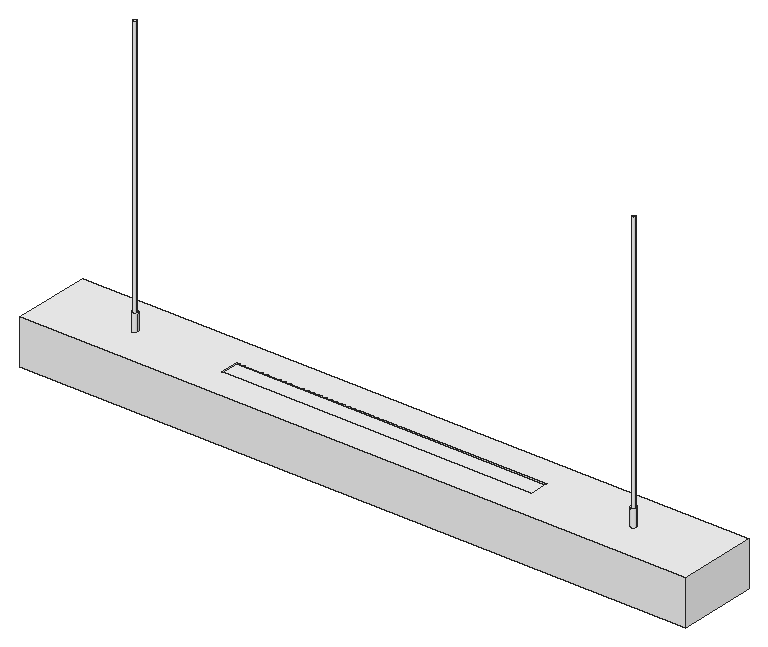
Revit family "Box Lean DI - Generic", category Lighting Fixtures, Revit 2014
Parameters (values of type "Box Lean DI 1200")
  Wattage = 38 W
  WarrantyGuarantorParts = "n/a"
  WarrantyDurationParts = "n/a"
  WarrantyDescription = "n/a"
  built-in parameter 1150110 = 1 (stored number, unit not read)
  Void Thickness = if(Void, -2 mm, 2 mm)  # -2 mm
  Void = yes
  Version = "v.1.0"
  Uniclass2 = "Pr_70_70_49_43 Light-Emitting Diode (LED) Luminaires"
  Uniclass 1.4 = "JY73"
  TotalWattage = "Max. 30W / 40W"
  built-in parameter 1114217 = 1 (stored number, unit not read)
  Tilt Angle = 90.00°
  built-in parameter 1150109 = 1 (stored number, unit not read)
  built-in parameter 1150134 = 12
  TagNumber = "n/a"
  SustainabilityPerformance = "n/a"
  Suspended Distance = 500 mm
  built-in parameter 1150113 = 1 (stored number, unit not read)
  SupplyCircuitConductorConnections = "n/a"
  Size = "142 x 1200 x 81 mm"
  Shape = "Rectangle"
  ProductInformation = "http://riegens.com/box-lean"
  PhotometricPerformance = "In accordance with BS EN 13032-1"
  Photometric Web File = "Box Lean 1200 DI 38W 4000K DP Satinmatt.ies"
  PhaseReference = "IEC recommendations"
  Optic = "Satin-matt double parabolic louvre (DP-SM)"
  NominalVoltage = "220-240V"
  ModelReference = "Box Lean DI 1200"
  Material = "Steel, lens optic in PMMA, double parabolic louvre in Miro finish"
  ManufacturersSpecificInformation = "n/a"
  ManufacturerURL = "www.riegens.com"
  Manufacturer = "Riegens A/S"
  built-in parameter 1150105 = 353.8 (stored number, unit not read)
  Lumens = 4446 lm
  LuminaireType = "Direct/Indirect LED Luminaire"
  LuminairePowerFactor = ">0,9"
  built-in parameter 1150115 = 1 (stored number, unit not read)
  LightSource = "LED 3000K / 4000K"
  LightFixturePlacingType = "Ceiling"
  LightFixtureMountingType = "Suspended"
  built-in parameter 1150137 = (empty or 0)
  built-in parameter 1150139 = (empty or 0)
  LampType = "LED"
  LampRating = "28W / 38W"
  LampColourRenderingIndex = "Ra>80"
  built-in parameter 1150112 = 1 (stored number, unit not read)
  built-in parameter 1150114 = 1 (stored number, unit not read)
  InternalFuse = "Only required in emergency versions"
  InsulationStandardClass = "Class 1"
  built-in parameter 1150132 = (empty or 0)
  built-in parameter 1150102 = (empty or 0)
  built-in parameter 1150107 = 4000 (stored number, unit not read)
  built-in parameter 1150138 = (empty or 0)
  built-in parameter 1150106 = 3.538 (stored number, unit not read)
  IfcExportType = "NOTDEFINED"
  IfcExportAs = "IfcLightFixtureType"
  IP_Code = "IP20"
  Height 1 = 81 mm
  HasProtectiveEarth = "TRUE"
  Grade = "n/a"
  Glass = Riegens_Glass_opal
  Frame Width = 1200 mm
  Frame Depth = 142 mm
  Frame = Riegens_Steel_Powder coated white RAL901025
  Fixing point Suspended = 900 mm
  Finish = "Powder coated"
  Features = "n/a"
  built-in parameter 1150104 = 10.87 (stored number, unit not read)
  Documentation = "See URL hyperlink"
  DocumentReference = "See URL hyperlink"
  Dimming Lamp Color Temperature Shift = <None>
  Description = "70-80-35 General Lighting Systems"
  ControlGearPosition = "Integrated "
  Constituents = "n/a"
  Colour = "White"
  Color Filter = 16777215
  CodePerformance = "n/a"
  Cassette Width = 0 mm
  Cassette Depth = 0 mm
  CCSTopnode = "L"
  CCSClassName = "Belysningsarmatur"
  CCSClassCode = "UAC"
  BarCode = "n/a"
  BallastsCELMAEnergyEfficiencyIndex = "Class A1/A2"
  built-in parameter 1114218 = 1 (stored number, unit not read)
  BSAB 96 = "SNB.2"
  BIMObjectName = "Box Lean DI 1200.rfa"
  Author = "3dbyggeri"
  built-in parameter 1150133 = 10 (stored number, unit not read)
  AssetType = "Moveable/Fixed"
  AssetIdentifier = "n/a"
  ArticleNumber = "See URL hyperlink"
  AccessibilityPerformance = "n/a"
Types (3, lengths in mm): name | Wattage | TotalWattage | Size | Photometric Web File | ModelReference | built-in parameter 1150105 | Lumens | LampRating | built-in parameter 1150106 | Frame Width | Fixing point Suspended | BIMObjectName
  (no name) | 38 W | "Max. 30W / 40W" | "142 x 1200 x 81 mm" | "Box Lean 1200 DI 38W 4000K DP Satinmatt.ies" | "Box Lean DI 1200" | 353.8 (stored number, unit not read) | 4446 lm | "28W / 38W" | 3.538 (stored number, unit not read) | 1200 | 900 | "Box Lean DI 1200.rfa"
  Box Lean DI 1500 | 44 W | "Max. 46W" | "142 x 1500 x 81 mm" | "Box Lean 1500 DI 44W 4000K DP Satinmatt.ies" | "Box Lean DI 1500" | 409.66 (stored number, unit not read) | 5148 lm | "44W" | 4.0966 (stored number, unit not read) | 1500 | 1200 | "Box Lean DI 1500.rfa"
  Box Lean DI 1200 | 38 W | "Max. 30W / 40W" | "142 x 1200 x 81 mm" | "Box Lean 1200 DI 38W 4000K DP Satinmatt.ies" | "Box Lean DI 1200" | 353.8 (stored number, unit not read) | 4446 lm | "28W / 38W" | 3.538 (stored number, unit not read) | 1200 | 900 | "Box Lean DI 1200.rfa"
Reference planes
  plane 1 "Center (Front/Back)": y = 0
  plane 2: z = 0
  plane 3 "Center (Left/Right)": x = 0
  plane 4: x = -600
  plane 5: x = 600
  plane 6: y = 71
  plane 7: y = -71
  plane 8: y = 41
  plane 9: y = -41
  plane 10: x = -578
  plane 11: x = 578
  plane 12: x = -280
  plane 13: x = 280
  plane 14: y = 17.5
  plane 15: y = -17.5
  plane 16: z = 81
  plane 17: z = 141
  plane 18: x = -450
  plane 19: x = 450
  plane 20: z = 110.9
  plane 21: z = 581
Forms (mm)
  Extrusion 1, solid, material "Riegens_Steel_Powder coated white RAL901025" <- "Frame"
    sketch origin (185, 184, 0) x (1, 0, 0) y (0, 1, 0)
      loop
        line (-785, -113) -> (-785, -255) -> (415, -255) -> (415, -113) -> (-785, -113)
    from 0 to 81
  Extrusion 2, void
    sketch origin (0, 0, 0) x (1, 0, 0) y (0, 1, 0)
      loop
        line (-578, 41) -> (-578, -41) -> (578, -41) -> (578, 41) -> (-578, 41)
    from 0.5 to 0
  Extrusion 3, solid, material "Riegens_Glass_opal" <- "Glass"
    sketch origin (0, 0, 0) x (1, 0, 0) y (0, 1, 0)
      loop
        line (-578, 41) -> (-578, -41) -> (578, -41) -> (578, 41) -> (-578, 41)
    from 0.5 to 0
  Extrusion 4, void
    sketch origin (185, 184, 81) x (1, 0, 0) y (0, 1, 0)
      loop
        line (95, -201.5) -> (95, -166.5) -> (-465, -166.5) -> (-465, -201.5) -> (95, -201.5)
    from -2 <- "Void Thickness" to 0
  Extrusion 5, solid, material "Riegens_Steel_Powder coated white RAL901025" <- "Frame"
    sketch origin (0, 0, 0) x (1, 0, 0) y (0, 1, 0)
      loop
        circle (-450, 0) r 5
      loop
        circle (450, 0) r 5
    from 110.9 to 81
  Extrusion 6, solid, material "Riegens_Steel_Powder coated white RAL901025" <- "Frame"
    sketch origin (0, 0, 0) x (1, 0, 0) y (0, 1, 0)
      loop
        circle (-450, 0) r 2.977
      loop
        circle (450, 0) r 3
    from 581 to 110.9
Cuts and joins
  Extrusion 2, Extrusion 4 cuts Extrusion 1
Lines and regions (mm)
  model lines
    curve 1: line (-578, 41, 0) -> (-578, -41, 0)
    curve 2: line (578, 41, 0) -> (578, -41, 0)
    curve 3: line (-544.971, 41, 0) -> (-544.971, -41, 0)
    curve 4: line (-511.943, 41, 0) -> (-511.943, -41, 0)
    curve 5: line (-478.914, 41, 0) -> (-478.914, -41, 0)
    curve 6: line (-445.886, 41, 0) -> (-445.886, -41, 0)
    curve 7: line (-412.857, 41, 0) -> (-412.857, -41, 0)
    curve 8: line (-379.829, 41, 0) -> (-379.829, -41, 0)
    curve 9: line (-346.8, 41, 0) -> (-346.8, -41, 0)
    curve 10: line (-313.771, 41, 0) -> (-313.771, -41, 0)
    curve 11: line (-280.743, 41, 0) -> (-280.743, -41, 0)
    curve 12: line (-247.714, 41, 0) -> (-247.714, -41, 0)
    curve 13: line (-214.686, 41, 0) -> (-214.686, -41, 0)
    curve 14: line (-181.657, 41, 0) -> (-181.657, -41, 0)
    curve 15: line (-148.629, 41, 0) -> (-148.629, -41, 0)
    curve 16: line (-115.6, 41, 0) -> (-115.6, -41, 0)
    curve 17: line (-82.571, 41, 0) -> (-82.571, -41, 0)
    curve 18: line (-49.543, 41, 0) -> (-49.543, -41, 0)
    curve 19: line (-16.514, 41, 0) -> (-16.514, -41, 0)
    curve 20: line (16.514, 41, 0) -> (16.514, -41, 0)
    curve 21: line (49.543, 41, 0) -> (49.543, -41, 0)
    curve 22: line (82.571, 41, 0) -> (82.571, -41, 0)
    curve 23: line (115.6, 41, 0) -> (115.6, -41, 0)
    curve 24: line (148.629, 41, 0) -> (148.629, -41, 0)
    curve 25: line (181.657, 41, 0) -> (181.657, -41, 0)
    curve 26: line (214.686, 41, 0) -> (214.686, -41, 0)
    curve 27: line (247.714, 41, 0) -> (247.714, -41, 0)
    curve 28: line (280.743, 41, 0) -> (280.743, -41, 0)
    curve 29: line (313.771, 41, 0) -> (313.771, -41, 0)
    curve 30: line (346.8, 41, 0) -> (346.8, -41, 0)
    curve 31: line (379.829, 41, 0) -> (379.829, -41, 0)
    curve 32: line (412.857, 41, 0) -> (412.857, -41, 0)
    curve 33: line (445.886, 41, 0) -> (445.886, -41, 0)
    curve 34: line (478.914, 41, 0) -> (478.914, -41, 0)
    curve 35: line (511.943, 41, 0) -> (511.943, -41, 0)
    curve 36: line (544.971, 41, 0) -> (544.971, -41, 0)
Dimensions and locks
  "Frame Width": plane 4 to plane 5
  "Frame Depth": plane 6 to plane 7
  locked: plane 12 to plane 13 at 560
  plane 14 to plane 15 = 35 mm
  equal spacing: plane 4, plane 3 "Center (Left/Right)", plane 5
  locked: plane 4 to plane 10 at 22
  locked: plane 11 to plane 5 at 22
  equal spacing: plane 12, plane 3 "Center (Left/Right)", plane 13
  equal spacing: plane 6, plane 1 "Center (Front/Back)", plane 7
  equal spacing: plane 14, plane 1 "Center (Front/Back)", plane 15
  locked: plane 6 to plane 8 at 30
  locked: plane 9 to plane 7 at 30
  "Height 1": plane 16 to plane 2
  plane 17 to plane 16 = 60 mm
  locked: plane 20 to plane 16 at 29.9
  "Suspended Distance": plane 21 to plane 16
  equal spacing: plane 18, plane 3 "Center (Left/Right)", plane 19
  "Fixing point Suspended": plane 18 to plane 19
  equal spacing: group 1, group 3, group 4, group 5, group 6, group 7, group 8, group 9, group 10, group 11, group 12, group 13, group 14, group 15, group 16, group 17, group 18, group 19, group 20, group 21, group 22, group 23, group 24, group 25, group 26, group 27, group 28, group 29, group 30, group 31, group 32, group 33, group 34, group 35, group 36, group 2  (x3)
  aligned and locked: Extrusion 1 to plane 4
  aligned and locked: Extrusion 1 to plane 5
  aligned and locked: plane 7 to Extrusion 1
  aligned and locked: plane 6 to Extrusion 1
  aligned and locked: Extrusion 3 to plane 8
  aligned and locked: Extrusion 3 to plane 9
  aligned and locked: plane 10 to Extrusion 3
  aligned and locked: plane 11 to Extrusion 3
  aligned and locked: plane 16 to cut or joined group of Extrusion 1, Extrusion 2, Extrusion 4
  aligned and locked: plane 3 "Center (Left/Right)" to imposter light
  aligned and locked: imposter light to plane 1 "Center (Front/Back)"
  aligned and locked: plane 2 to imposter light
  aligned and locked: plane 18 to Extrusion 5 sketch curve
  aligned and locked: plane 1 "Center (Front/Back)" to Extrusion 5 sketch curve  (x2)
  aligned and locked: plane 19 to Extrusion 5 sketch curve
  aligned and locked: Extrusion 5 to plane 16
  aligned and locked: plane 20 to Extrusion 5
  aligned and locked: plane 18 to Extrusion 6 sketch curve
  aligned and locked: plane 19 to Extrusion 6 sketch curve
  aligned and locked: plane 1 "Center (Front/Back)" to Extrusion 6 sketch curve  (x2)
  aligned and locked: Extrusion 6 to plane 20
  aligned and locked: plane 21 to Extrusion 6
  aligned and locked: curve 1 to Extrusion 3
  aligned and locked: curve 2 to Extrusion 3
Automatic sketch dimensions
  Extrusion 1 sketch curve to plane 4 = 0 mm
  Extrusion 1 sketch curve to plane 5 = 0 mm
  plane 7 to Extrusion 1 sketch curve = 0 mm
  Extrusion 1 sketch curve to plane 6 = 0 mm
  Extrusion 2 sketch curve to plane 9 = 0 mm
  Extrusion 2 sketch curve to plane 10 = 0 mm
  Extrusion 2 sketch curve to plane 11 = 0 mm
  plane 8 to Extrusion 2 sketch curve = 0 mm
  Extrusion 3 sketch curve to plane 9 = 0 mm
  Extrusion 3 sketch curve to plane 10 = 0 mm
  Extrusion 3 sketch curve to plane 11 = 0 mm
  plane 8 to Extrusion 3 sketch curve = 0 mm
  Extrusion 4 sketch curve to Extrusion 1 = 53.5 mm  (x2)
  Extrusion 4 sketch curve to Extrusion 1 = 320 mm  (x2)
  radius of Extrusion 5 sketch curve = 5 mm  (x2)
  radius of Extrusion 6 sketch curve = 2.977 mm
  radius of Extrusion 6 sketch curve = 3 mm
Connectors
  electrical at (0, 0, 81)
    settings: on cut or joined group of Extrusion 1, Extrusion 2, Extrusion 4, index 1, voltage 0 V, apparent load 0 VA, apparent load phase1 0 VA, apparent load phase2 0 VA, apparent load phase3 0 VA, power factor 1, load classification "Other", number of poles 1, system type 31, power factor state 1, is connector primary yes, connector utility no, sub classification motor no, connector description ""
